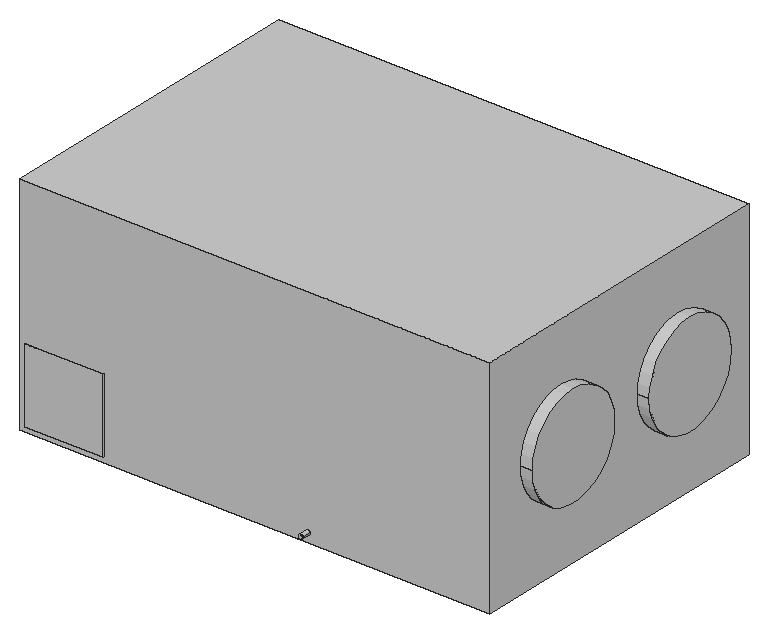
Revit family "BLAUBERG-KOMFORT_EC_DBE_3000", category Mechanical Equipment, Revit 2019
Family settings
  Round Connector Dimension = Use Diameter
  Classification = None
  Part Type = Normal
  OmniClass Number = 23.75.35.14
  OmniClass Title = Air Handling Units
  Work Plane-Based = No
  Always vertical = Yes
  Cut with Voids When Loaded = No
  Shared = No
  Room Calculation Point = No
Parameters (values of type "KOMFORT EC DBE 3000 S21")
  Weight = 281.00 kg
  Plastic Material = Polypropylene Black
  LDrainCon1 = 710 mm
  Heater power = 21000 W
  Maximum Unit Power Without Electric Heater = 2226 W
  Maximum Unit Current Without Electric Heater = 3.5 A
  Maximum Unit Current With Electric Heater = 33.5 A
  Heat Exchanger Material = "aluminium"
  LDuctCon = 50 mm  # constant formula
  HandleL2 = 509 mm
  HandleL1 = 408 mm
  HandleB = 100 mm
  HDrainCon = 36 mm
  H = 881 mm
  DrainPipe = yes
  DrainD = if(Drain Connection Diameter = 0 mm, 1 mm, Drain Connection Diameter)  # 16 mm
  Drain Flow [instance] = 0.0 L/s
  Drain Connection Diameter = 16 mm
  LDrainCon = 35 mm
  DPS_H = 123 mm
  DPS_B2 = 450 mm
  DPS_B1 = 460 mm
  Bottom Maintenance Zone Height = 600 mm
  B2 = 347 mm
  Air Flow Factor [instance] = 1  # constant formula
  B1 = 347 mm
  Air Flow Exhaust [instance] = 0 m³/h
  L = 1835 mm
  Voltage = 400 V
  URL = "https://blaubergventilatoren.de/en/product/komfort-ec-dbe-3000-s21"
  Type Comments = "Air Handling Unit KOMFORT EC DBE 3000 S21"
  Transported Air Temperature (°C) = "-25…+40"
  Supply Air Filter = "G4"
  Sound Pressure Level at 3 m (dBA) = 46
  SEC Class = "NRVU"
  RPM (min-1) = 3400
  Power Factor = 1
  Power = Maximum Unit Power Without Electric Heater + Heater power  # 23226 W
  Number of Poles = 3
  Model = "KOMFORT EC DBE 3000 S21"
  Maximum Air Flow = 4300 m³/h
  Manufacturer = "Blauberg"
  Maintenance Zone Material = Maintenance Zone
  Side Maintenance Zone Height = 850 mm
  Maintenance Zone [instance] = no
  Load Classification = HVAC
  B = 1265 mm
  Heat recovery efficiency (%) = "59..72"
  Heat Exchanger Type = "cross-flow"
  H1 = 427 mm
  Family Version = "1.0"  # constant formula
  Extract Air Filter = "G4"
  Duct Connection Diameter = 400 mm
  Description = "Air Handling Unit"
  D = Duct Connection Diameter  # 400 mm
  Current = Maximum Unit Current With Electric Heater  # 33.5 A
  Copyright = "©Blauberg"
  Casing Material = Metal Zinc
  Apparent Power [instance] = Power / Power Factor  # 23226 VA
  Air Flow Supply [instance] = 0 m³/h
Reference planes
  plane 1 "Center (Front/Back)": y = 0
  plane 2: z = 0
  plane 3 "Center (Left/Right)": x = 0
  plane 4 "Back": y = 632.5
  plane 5 "Front": y = -632.5
  plane 6 "L": x = -917.5
  plane 7 "R": x = 917.5
  plane 8 "DuctConB2": y = 285.5
  plane 9 "DuctConB1": y = -285.5
  plane 10: x = -967.5
  plane 11: x = 967.5
  plane 12 "Top": z = 427
  plane 13 "Bottom": z = -454
  plane 14 "DrainConH": z = -418
  plane 15 "DrainConL2": x = 207.5
  plane 16 "S": y = -667.5
  plane 17 "DPS_H": z = -331
  plane 18: y = 667.5
  plane 19 "DPSB1": y = 172.5
  plane 20 "DPSB2": y = -182.5
  plane 21: x = -897.5
  plane 22: x = -592.5
  plane 23: z = -434
  plane 24: z = -144
  plane 25 "HandleL1": x = -509.5
  plane 26 "HandleL2": x = 408.5
  plane 27 "HandleB": y = -532.5
Forms (mm)
  Extrusion 1, solid, material "Metal Zinc" <- "Casing Material", detail levels medium+fine
    sketch origin (0, 0, 0) x (1, 0, 0) y (0, 1, 0)
      loop
        line (-917.5, 632.5) -> (-917.5, -632.5) -> (917.5, -632.5) -> (917.5, 632.5) -> (-917.5, 632.5)
    from -454 to 427
  Extrusion 2, solid, material "Metal Zinc" <- "Casing Material", detail levels medium+fine
    sketch origin (-917.5, 0, 0) x (0, 1, 0) y (0, 0, 1)
      loop
        circle (285.5, 0) r 200
      loop
        circle (-285.5, 0) r 200
    from 0 to -50
  Extrusion 3, solid, material "Metal Zinc" <- "Casing Material", detail levels medium+fine
    sketch origin (917.5, 0, 0) x (0, 1, 0) y (0, 0, 1)
      loop
        circle (285.5, 0) r 200
      loop
        circle (-285.5, 0) r 200
    from 0 to 50
  Extrusion 4, solid, material "Metal Zinc" <- "Casing Material", visible <- "DrainPipe", detail levels medium+fine
    sketch origin (0, -632.5, 0) x (-1, 0, 0) y (0, 0, 1)
      loop
        circle (-207.5, -418) r 8
    from 0 to -35
  Extrusion 5, solid, material "Metal Zinc" <- "Casing Material", visible <- "DrainPipe", detail levels medium+fine
    sketch origin (0, 632.5, 0) x (-1, 0, 0) y (0, 0, 1)
      loop
        circle (-207.5, -418) r 8
    from 0 to 35
  Extrusion 6, solid, material "Metal Zinc" <- "Casing Material", detail levels medium+fine
    sketch origin (0, -632.5, 0) x (-1, 0, 0) y (0, 0, 1)
      loop
        line (897.5, -144) -> (592.5, -144) -> (592.5, -434) -> (897.5, -434) -> (897.5, -144)
    from 0 to -2
  Extrusion 7, solid, material "Metal Zinc" <- "Casing Material", detail levels medium+fine
    sketch origin (-917.5, 0, 0) x (0, 1, 0) y (0, 0, 1)
      loop
        circle (-587.5, -364) r 10
    from 0 to -2
Lines and regions (mm)
  model lines, detail levels coarse
    curve 1: line (-917.5, 632.5, 0) -> (917.5, 632.5, 0)
    curve 2: line (-917.5, -632.5, 0) -> (-917.5, 632.5, 0)
    curve 3: line (917.5, -632.5, 0) -> (-917.5, -632.5, 0)
    curve 4: line (917.5, 632.5, 0) -> (917.5, -632.5, 0)
    curve 5: line (-917.5, 285.5, 0) -> (-967.5, 285.5, 0)
    curve 6: line (-917.5, -285.5, 0) -> (-967.5, -285.5, 0)
    curve 7: line (917.5, -285.5, 0) -> (967.5, -285.5, 0)
    curve 8: line (917.5, 285.5, 0) -> (967.5, 285.5, 0)
Dimensions and locks
  equal spacing: plane 6 "L", plane 3 "Center (Left/Right)", plane 7 "R"
  "L": plane 6 "L" to plane 7 "R"
  equal spacing: plane 4 "Back", plane 1 "Center (Front/Back)", plane 5 "Front"
  "B": plane 4 "Back" to plane 5 "Front"
  "B1": plane 4 "Back" to plane 8 "DuctConB2"
  "B2": plane 9 "DuctConB1" to plane 5 "Front"
  "LDuctCon": plane 10 to plane 6 "L"
  "LDuctCon": plane 7 "R" to plane 11
  "H1": plane 12 "Top" to level
  "H": plane 12 "Top" to plane 13 "Bottom"
  "HDrainCon": plane 14 "DrainConH" to plane 13 "Bottom"
  "LDrainCon1": plane 15 "DrainConL2" to plane 7 "R"
  "LDrainCon": plane 5 "Front" to plane 16 "S"
  "LDrainCon": plane 18 to plane 4 "Back"
  locked: plane 21 to plane 6 "L" at 20
  locked: plane 23 to plane 13 "Bottom" at 20
  locked: plane 22 to plane 21 at 305
  locked: plane 24 to plane 23 at 290
  locked: Extrusion 7 sketch curve to plane 13 "Bottom" at 90
  locked: Extrusion 7 sketch curve to plane 5 "Front" at 45
  "HandleL1": plane 6 "L" to plane 25 "HandleL1"
  "HandleL2": plane 26 "HandleL2" to plane 7 "R"
  "HandleB": plane 27 "HandleB" to plane 5 "Front"
  "DPS_B1": plane 4 "Back" to plane 19 "DPSB1"
  "DPS_B2": plane 20 "DPSB2" to plane 5 "Front"
  "DPS_H": plane 17 "DPS_H" to plane 13 "Bottom"
  "D": diameter of Extrusion 2 sketch curve  (x2)
  "D": diameter of Extrusion 3 sketch curve  (x2)
  "DrainD": diameter of Extrusion 4 sketch curve
  "DrainD": diameter of Extrusion 5 sketch curve
  aligned and locked: level to plane 2
  aligned and locked: Extrusion 1 sketch curve to plane 4 "Back"
  aligned and locked: plane 6 "L" to Extrusion 1 sketch curve
  aligned and locked: plane 5 "Front" to Extrusion 1 sketch curve
  aligned and locked: Extrusion 1 sketch curve to plane 7 "R"
  aligned and locked: plane 12 "Top" to Extrusion 1
  aligned and locked: Extrusion 1 to plane 13 "Bottom"
  aligned and locked: plane 11 to Extrusion 3
  aligned and locked: Extrusion 2 to plane 10
  aligned and locked: Extrusion 4 to plane 16 "S"
  aligned and locked: curve 3 to Extrusion 1
  aligned and locked: curve 4 to Extrusion 1
  aligned and locked: plane 10 to curve 5
  aligned and locked: plane 6 "L" to curve 5
  aligned and locked: plane 8 "DuctConB2" to curve 5
  aligned and locked: plane 10 to curve 6
  aligned and locked: plane 6 "L" to curve 6
  aligned and locked: plane 9 "DuctConB1" to curve 6
  aligned and locked: plane 11 to curve 7
  aligned and locked: plane 7 "R" to curve 7
  aligned and locked: curve 7 to plane 9 "DuctConB1"
  aligned and locked: plane 11 to curve 8
  aligned and locked: curve 8 to plane 8 "DuctConB2"
  aligned and locked: plane 18 to Extrusion 5
  aligned and locked: Extrusion 6 sketch curve to plane 24
  aligned and locked: Extrusion 6 sketch curve to plane 21
  aligned and locked: Extrusion 6 sketch curve to plane 22
  aligned and locked: plane 23 to Extrusion 6 sketch curve
  aligned and locked: plane 3 "Center (Left/Right)" to nested 1
  aligned and locked: nested 1 to plane 5 "Front"
  aligned and locked: plane 13 "Bottom" to nested 1
  aligned and locked: plane 3 "Center (Left/Right)" to nested 2
  aligned and locked: nested 2 to plane 13 "Bottom"
  aligned and locked: nested 2 to plane 4 "Back"
  aligned and locked: plane 25 "HandleL1" to nested 3
  aligned and locked: nested 3 to plane 27 "HandleB"
  aligned and locked: nested 4 to plane 27 "HandleB"
  aligned and locked: plane 26 "HandleL2" to nested 4
  aligned and locked: plane 19 "DPSB1" to nested 5
  aligned and locked: plane 20 "DPSB2" to nested 6
  aligned and locked: plane 17 "DPS_H" to nested 5
  aligned and locked: plane 17 "DPS_H" to nested 6
Automatic sketch dimensions
  curve 2 to plane 4 "Back" = 0 mm
  Extrusion 2 sketch curve to level = 0 mm  (x2)
  Extrusion 2 sketch curve to plane 9 "DuctConB1" = 0 mm
  Extrusion 2 sketch curve to plane 8 "DuctConB2" = 0 mm
  Extrusion 3 sketch curve to level = 0 mm  (x2)
  Extrusion 3 sketch curve to plane 9 "DuctConB1" = 0 mm
  Extrusion 3 sketch curve to plane 8 "DuctConB2" = 0 mm
  Extrusion 4 sketch curve to plane 14 "DrainConH" = 0 mm
  Extrusion 4 sketch curve to plane 15 "DrainConL2" = 0 mm
  Extrusion 5 sketch curve to plane 14 "DrainConH" = 0 mm
  Extrusion 5 sketch curve to plane 15 "DrainConL2" = 0 mm
  radius of Extrusion 7 sketch curve = 10 mm
Nested families
  nested 1: "MaintenanceZone_Rect" at (0, -1057.5, 427), visible <- "Maintenance Zone", type "Side", detail levels medium+fine
    with Maintenance Zone Width 850 mm, Maintenance Zone Length 1835 mm, Maintenance Zone Height 881 mm
  nested 2: "MaintenanceZone_Rect" at (0, -632.5, -754) x (1, 0, 0) z (0, -1, 0), visible <- "Maintenance Zone", type "Bottom", detail levels medium+fine
    with Maintenance Zone Width 600 mm, Maintenance Zone Length 1835 mm, Maintenance Zone Height 1265 mm
  nested 3: "Handle" at (-509.5, -532.5, -454) x (1, 0, 0) z (0, 0, -1), type "Handle", detail levels medium+fine
  nested 4: "Handle" at (408.5, -532.5, -454) x (1, 0, 0) z (0, 0, -1), type "Handle", detail levels medium+fine
  nested 5: "DPS" at (-917.5, 172.5, -331) x (0, 0, 1) z (-1, 0, 0), type "DPS", detail levels medium+fine
  nested 6: "DPS" at (-917.5, -182.5, -331) x (0, 0, 1) z (-1, 0, 0), type "DPS", detail levels medium+fine
Connectors
  hvac at (967.5, -285.5, 0), driven by "Duct Connection Diameter", driven by "Air Flow Supply"
    settings: on Extrusion 3, index 2, duct flow 0 m³/h, flow factor 0, pres drop 0.0 Pa, loss coef 0, conn angle 0.00°, conn width 304.8 mm, conn height 304.8 mm, conn diameter 400 mm, duct sys type 1, conn prof type 0, flow config 0, flow direction 2, loss method 0, conn ref index -1, conn util no, is conn primary yes, conn desc "Supply Air"
  hvac at (967.5, 285.5, 0), driven by "Duct Connection Diameter", driven by "Air Flow Exhaust"
    settings: on Extrusion 3, index 3, duct flow 0 m³/h, flow factor 0, pres drop 0.0 Pa, loss coef 0, conn angle 0.00°, conn width 304.8 mm, conn height 304.8 mm, conn diameter 400 mm, duct sys type 3, conn prof type 0, flow config 0, flow direction 1, loss method 0, conn ref index -1, conn util no, is conn primary no, conn desc "Extract Air"
  hvac at (-967.5, 285.5, 0), driven by "Duct Connection Diameter", driven by "Air Flow Supply"
    settings: on Extrusion 2, index 4, duct flow 0 m³/h, flow factor 0, pres drop 0.0 Pa, loss coef 0, conn angle 0.00°, conn width 304.8 mm, conn height 304.8 mm, conn diameter 400 mm, duct sys type 1, conn prof type 0, flow config 1, flow direction 1, loss method 0, conn ref index -1, conn util no, is conn primary no, conn desc "Intake Air"
  hvac at (-967.5, -285.5, 0), driven by "Duct Connection Diameter", driven by "Air Flow Exhaust"
    settings: on Extrusion 2, index 5, duct flow 0 m³/h, flow factor 0, pres drop 0.0 Pa, loss coef 0, conn angle 0.00°, conn width 304.8 mm, conn height 304.8 mm, conn diameter 400 mm, duct sys type 3, conn prof type 0, flow config 1, flow direction 2, loss method 0, conn ref index -1, conn util no, is conn primary no, conn desc "Exhaust Air"
  piping at (207.5, -667.5, -418), diameter 16, driven by "Drain Connection Diameter", driven by "Drain Flow"
    settings: on Extrusion 4, index 7, connector inside diameter 609.6 mm, connector length 0 mm, flow factor 0, pipe flow 0.0 L/s, pressure drop 0.0 Pa, fitting loss kfactor 0, connector angle 0.00°, fixture units 0, engagement length 0 mm, angle of deflection 0.00°, flow configuration 1, flow direction 2, fitting loss method 0, system type 16, joint type 0, gender type 0, connector reference index -1, connector utility 0, adjustable connector no, is connector primary yes, connector description ""
  piping at (207.5, 667.5, -418), diameter 16, driven by "Drain Connection Diameter", driven by "Drain Flow"
    settings: on Extrusion 5, index 8, connector inside diameter 609.6 mm, connector length 0 mm, flow factor 0, pipe flow 0.0 L/s, pressure drop 0.0 Pa, fitting loss kfactor 0, connector angle 0.00°, fixture units 0, engagement length 0 mm, angle of deflection 0.00°, flow configuration 1, flow direction 2, fitting loss method 0, system type 16, joint type 0, gender type 0, connector reference index -1, connector utility 0, adjustable connector no, is connector primary no, connector description ""
  electrical at (-919.5, -587.5, -364), driven by "Number of Poles", driven by "Load Classification", driven by "Voltage", driven by "Apparent Power", driven by "Power Factor"
    settings: on Extrusion 7, index 9, voltage 400 V, apparent load 23226 VA, apparent load phase1 0 VA, apparent load phase2 0 VA, apparent load phase3 0 VA, power factor 1, load classification "HVAC", number of poles 3, system type 30, power factor state 1, is connector primary yes, connector utility no, sub classification motor no, connector description ""
Definition of nested family "MaintenanceZone_Rect"
  Parameters (values of type "MaintenanceZone_Rect")
    Maintenance Zone Width = 500 mm
    Material = none
    Maintenance Zone Length = 1000 mm
    Maintenance Zone Height = 300 mm
    Family Version = ""
    Default Elevation = 1219.2 mm
    Copyright = ""
  Reference planes
    plane 1 "Center (Front/Back)": y = 0
    plane 2: z = 0
    plane 3 "Center (Left/Right)": x = 0
    plane 4: x = -500
    plane 5: x = 500
    plane 6: y = 250
    plane 7: y = -250
    plane 8: z = -300
  Forms (mm)
    Extrusion 1, solid, material <- "Material", detail levels medium+fine
      sketch origin (0, 0, 0) x (1, 0, 0) y (0, 1, 0)
        loop
          line (-500, 250) -> (-500, -250) -> (500, -250) -> (500, 250) -> (-500, 250)
      from 0 to -300
  Lines and regions (mm)
    symbolic lines, detail levels medium+fine
      curve 1: line (-500, 0, 0) -> (500, 0, 0)
      curve 2: line (-500, 0, -300) -> (-500, 0, 0)
      curve 3: line (500, 0, -300) -> (-500, 0, -300)
      curve 4: line (500, 0, 0) -> (500, 0, -300)
      curve 5: line (0, 250, 0) -> (0, -250, 0)
      curve 6: line (0, 250, -300) -> (0, 250, 0)
      curve 7: line (0, -250, -300) -> (0, 250, -300)
      curve 8: line (0, -250, 0) -> (0, -250, -300)
      curve 9: line (-500, 250, 0) -> (500, 250, 0)
      curve 10: line (-500, -250, 0) -> (-500, 250, 0)
      curve 11: line (500, -250, 0) -> (-500, -250, 0)
      curve 12: line (500, 250, 0) -> (500, -250, 0)
  Dimensions and locks
    equal spacing: plane 6, plane 1 "Center (Front/Back)", plane 7
    equal spacing: plane 4, plane 3 "Center (Left/Right)", plane 5
    "Maintenance Zone Width": plane 6 to plane 7
    "Maintenance Zone Length": plane 4 to plane 5
    "Maintenance Zone Height": plane 2 to plane 8
    aligned and locked: level to plane 2
    aligned and locked: Extrusion 1 sketch curve to plane 6
    aligned and locked: plane 4 to Extrusion 1 sketch curve
    aligned and locked: plane 7 to Extrusion 1 sketch curve
    aligned and locked: Extrusion 1 sketch curve to plane 5
    aligned and locked: Extrusion 1 to plane 8
    aligned and locked: curve 1 to Extrusion 1
    aligned and locked: curve 2 to Extrusion 1
    aligned and locked: curve 3 to Extrusion 1
    aligned and locked: curve 4 to Extrusion 1
    aligned and locked: curve 5 to Extrusion 1
    aligned and locked: curve 6 to Extrusion 1
    aligned and locked: curve 7 to Extrusion 1
    aligned and locked: curve 8 to Extrusion 1
    aligned and locked: curve 9 to Extrusion 1
    aligned and locked: curve 10 to Extrusion 1
    aligned and locked: curve 11 to Extrusion 1
    aligned and locked: curve 12 to Extrusion 1
Definition of nested family "Handle"
  Parameters (values of type "Handle")
    W = 24 mm
    Material = none
    L1 = 98 mm
    L = 145 mm
    H = 40 mm
    Default Elevation = 1219.2 mm
  Reference planes
    plane 1 "Center (Front/Back)": y = 0
    plane 2: z = 0
    plane 3 "Center (Left/Right)": x = 0
    plane 4: x = -72.5
    plane 5: x = 72.5
    plane 6: y = 12
    plane 7 "bottom": y = -12
    plane 8: x = -49
    plane 9: x = 49
    plane 10: z = 40
    plane 11: z = 26
  Forms (mm)
    Extrusion 1, solid, material <- "Material"
      sketch origin (0, 0, 0) x (1, 0, 0) y (0, 0, 1)
        loop
          line (-72.5, 0) -> (-41, 0) -> (-41, 16.533)
          arc (-41, 16.533) -> (-39.762, 20.813) -> (-36.43, 23.771) r 8.016
          arc (-36.43, 23.771) -> (0.006, 32) -> (36.44, 23.766) r 84.75
          arc (36.44, 23.766) -> (39.765, 20.814) -> (41, 16.543) r 8
          line (41, 16.543) -> (41, 0) -> (72.5, 0) -> (72.5, 7.018) -> (49, 7.018) -> (49, 21.445)
          arc (49, 21.445) -> (47.896, 25.489) -> (44.892, 28.412) r 7.962
          arc (44.892, 28.412) -> (0.015, 40) -> (-44.865, 28.427) r 92.75
          arc (-44.865, 28.427) -> (-47.889, 25.486) -> (-49, 21.417) r 8.01
          line (-49, 21.417) -> (-49, 7.018) -> (-72.5, 7.018) -> (-72.5, 0)
      from -12 to 12
  Dimensions and locks
    equal spacing: plane 5, plane 3 "Center (Left/Right)", plane 4
    "L": plane 5 to plane 4
    equal spacing: plane 9, plane 3 "Center (Left/Right)", plane 8
    "L1": plane 9 to plane 8
    "H": plane 10 to level
    plane 11 to level = 26 mm
    "W": plane 6 to plane 7 "bottom"
    equal spacing: plane 6, plane 1 "Center (Front/Back)", plane 7 "bottom"
    aligned and locked: level to plane 2
    aligned and locked: plane 6 to Extrusion 1
    aligned and locked: Extrusion 1 to plane 7 "bottom"
  Automatic sketch dimensions
    Extrusion 1 sketch curve to Extrusion 1 sketch curve = 0 mm  (x4)
    Extrusion 1 sketch curve to level = 0 mm  (x2)
    Extrusion 1 sketch curve to plane 4 = 0 mm
    Extrusion 1 sketch curve to plane 8 = 0 mm
    Extrusion 1 sketch curve to plane 3 "Center (Left/Right)" = 0 mm
    Extrusion 1 sketch curve to plane 9 = 0 mm
    Extrusion 1 sketch curve to plane 5 = 0 mm
    plane 8 to Extrusion 1 sketch curve = 8 mm
    Extrusion 1 sketch curve to Extrusion 1 sketch curve = 0.01 mm
    Extrusion 1 sketch curve to Extrusion 1 sketch curve = 8.016 mm
    Extrusion 1 sketch curve to plane 9 = 16 mm
    Extrusion 1 sketch curve to plane 9 = 8 mm
    Extrusion 1 sketch curve to Extrusion 1 sketch curve = 0.038 mm
    Extrusion 1 sketch curve to level = 52.75 mm
    level to Extrusion 1 sketch curve = 7.018 mm  (x2)
    Extrusion 1 sketch curve to plane 11 = 9.467 mm
    Extrusion 1 sketch curve to plane 11 = 9.457 mm
    Extrusion 1 sketch curve to plane 11 = 4.583 mm
    Extrusion 1 sketch curve to plane 11 = 4.555 mm
Definition of nested family "DPS"
  Parameters (values of type "DPS")
    W1 = 65 mm
    Thikness = 2 mm
    Material = none
    H1 = 47 mm
    Default Elevation = 1219.2 mm
  Reference planes
    plane 1 "Center (Front/Back)": y = 0
    plane 2: z = 0
    plane 3 "Center (Left/Right)": x = 0
    plane 4: z = 47
    plane 5: z = 51.5
    plane 6: z = 75.5
    plane 7: z = 78
    plane 8: z = 92
    plane 9: z = 86
    plane 10: x = -32.5
    plane 11: x = 32.5
    plane 12 "1": y = 50
    plane 13: y = 48
    plane 14: z = 45
    plane 15 "2": y = -22
    plane 16: z = 64
  Forms (mm)
    Revolve 1, solid, material <- "Material"
      sketch origin (0, 0, 0) x (1, 0, 0) y (0, 0, 1)
        loop
          line (-40.5, 47) -> (0, 47) -> (0, 92) -> (-31, 92) -> (-35, 86) -> (-35, 78) -> (-37.309, 78) -> (-37.309, 75.5) -> (-36, 75.5) -> (-36, 51.5) -> (-40.5, 51.5) -> (-40.5, 47)
        axis (0, 92) -> (0, 47)
      angle from 0 to 360
    Extrusion 2, solid, material <- "Material"
      sketch origin (0, 0, 0) x (0, 1, 0) y (0, 0, 1)
        loop
          line (50, 0) -> (50, 47) -> (0, 47) -> (0, 45) -> (48, 45) -> (48, 0) -> (50, 0)
      from -32.5 to 32.5
    Extrusion 3, solid, material <- "Material"
      sketch origin (0, 0, 0) x (0, 1, 0) y (0, 0, 1)
        loop
          circle (-22, 64) r 10
      from 0 to 50
  Cuts and joins
    joined: Revolve 1, Extrusion 3
  Dimensions and locks
    locked: plane 5 to plane 4 at 4.5
    locked: plane 6 to plane 5 at 24
    locked: plane 7 to plane 6 at 2.5
    locked: plane 8 to plane 9 at 6
    locked: plane 9 to plane 7 at 8
    "H1": plane 4 to level
    equal spacing: plane 11, plane 3 "Center (Left/Right)", plane 10
    "W1": plane 11 to plane 10
    "Thikness": plane 4 to plane 14
    "Thikness": plane 12 "1" to plane 13
    locked: plane 1 "Center (Front/Back)" to plane 12 "1" at 50
    locked: plane 15 "2" to plane 1 "Center (Front/Back)" at 22
    plane 16 to plane 4 = 17 mm
    aligned and locked: level to plane 2
    aligned and locked: Revolve 1 sketch curve to plane 3 "Center (Left/Right)"  (x2)
    aligned and locked: plane 6 to Revolve 1 sketch curve
    aligned and locked: plane 7 to Revolve 1 sketch curve
    aligned and locked: plane 5 to Revolve 1 sketch curve
    aligned and locked: plane 8 to Revolve 1 sketch curve
    aligned and locked: Extrusion 2 sketch curve to plane 13
    aligned and locked: plane 14 to Extrusion 2 sketch curve
    aligned and locked: Extrusion 2 sketch curve to plane 1 "Center (Front/Back)"
    aligned and locked: Extrusion 2 to plane 10
    aligned and locked: plane 11 to Extrusion 2
  Automatic sketch dimensions
    Revolve 1 sketch curve to plane 4 = 0 mm
    Revolve 1 sketch curve to plane 9 = 0 mm
    Revolve 1 sketch curve to plane 3 "Center (Left/Right)" = 31 mm
    Revolve 1 sketch curve to Revolve 1 sketch curve = 4 mm
    Revolve 1 sketch curve to Revolve 1 sketch curve = 1 mm
    Revolve 1 sketch curve to Revolve 1 sketch curve = 1.309 mm
    Revolve 1 sketch curve to Revolve 1 sketch curve = 4.5 mm
    Revolve 1 sketch curve to Revolve 1 sketch curve = 27.818 mm
    Revolve 1 sketch curve to Revolve 1 sketch curve = 2.182 mm
    Extrusion 2 sketch curve to level = 0 mm
    Extrusion 2 sketch curve to plane 12 "1" = 0 mm
    Extrusion 2 sketch curve to plane 4 = 0 mm
    Extrusion 3 sketch curve to plane 15 "2" = 0 mm
    Extrusion 3 sketch curve to plane 16 = 0 mm
    radius of Extrusion 3 sketch curve = 10 mm
